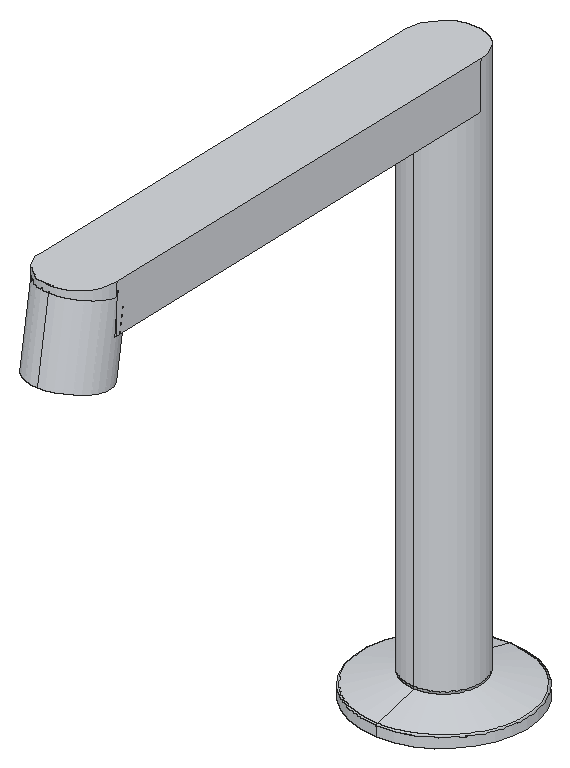
Revit family "Faucet-Lavatory-KOHLER-Components-K-77969", category Plumbing Fixtures, host Face, Revit 2015
Parameters (values of type "CP-Polished Chrome")
  Width = 2 3/8"  # constant formula
  Waste Water Outlet = "Waste Water Outlet"  # constant formula
  Waste Connection = 0 = 1  # no
  Vent Connection = 0 = 1  # no
  URL = "https://www.us.kohler.com/us/"
  Type = 1
  Spout Reach = 6 5/8"  # constant formula
  Product Page URL = "http://www.us.kohler.com/us/catalog/productDetails.jsp?productNumber=77969"
  Product Name = "Components"  # constant formula
  Product Documentation Link = "http://www.us.kohler.com/onlinecatalog/pdf/K-77969_spec.pdf"
  Pressure = 60.00 psi  # constant formula
  Model = if(Type = 1, "K-77969-CP", if(Type = 2, "K-77969-BL", "NA"))  # "K-77969-CP"
  Material = "Premium Metal Construction"  # constant formula
  MasterFormat 2004 = "22.41.39"  # constant formula
  MasterFormat 1995 = "15410"  # constant formula
  Manufacturer Address = "444 Highland Dr, Kohler, WI 53044"  # constant formula
  Manufacturer = "KOHLER Co."  # constant formula
  Length = Spout Reach  # 6 5/8"
  Hot Water Inlet = "Hot Water Inlet"  # constant formula
  Height = 8 1/4"  # constant formula
  Handle Clearance = 0"
  HW Connection = 0 = 1  # no
  Flow Rate = 1.2 GPM  # constant formula
  Finish = Kohler-Metal-CP-Polished_Chrome
  Faucet Hole Spacing = 0"
  Environmental Product Declaration = ""
  Drain Included = 1 = 1  # yes
  Description = "Widespread Bathroom Sink Spout"  # constant formula
  Default Elevation = 36"
  Declare Label = ""
  Date Modified = "08/23/2018"  # constant formula
  Date Created = "07/06/2018"  # constant formula
  Copyright = "Copyright KOHLER Co."  # constant formula
  Contact Us = "https://www.us.kohler.com/us/static/contact.jsp"
  Cold Water Inlet = "Cold Water Inlet"  # constant formula
  CW Connection = 0 = 1  # no
  Assembly Code = "D2010"
  ADA Compliant = 1 = 0  # no
Types (3): name | Type | Model | Finish
  (no name) | 1 | "K-77969-CP" | Kohler-Metal-CP-Polished_Chrome
  CP-Polished Chrome | 1 | "K-77969-CP" | Kohler-Metal-CP-Polished_Chrome
  BL-Matte_Black | 2 | "K-77969-BL" | Kohler-Metal-BL-Matte_Black
Reference planes (in)
  plane 1 "Center (Front/Back)": y = 0
  plane 2: z = 0
  plane 3 "Center (Left/Right)": x = 0
  plane 4: x = -1.1875
  plane 5: x = 1.1875
  plane 6: y = -6.625
  plane 7: z = 8.25
Dimensions and locks (in)
  equal spacing: plane 4, plane 3 "Center (Left/Right)", plane 5
  "Width": plane 4 to plane 5
  "Length": plane 6 to plane 1 "Center (Front/Back)"  (x2)
  "Height": plane 7 to plane 2
  aligned and locked: plane 2 to host face
  aligned and locked: level to host face
Automatic sketch dimensions
  host sketch curve to host sketch curve = 96"  (x2)
Nested families (in)
  nested 1: "K-77969" at (0, 0, 0), type "K-77969"
Definition of nested family "K-77969"
  Parameters (values of type "K-77969")
    Material = none
  Reference planes (in)
    plane 1 "Center (Front/Back)": y = 0
    plane 2: z = 0
    plane 3 "Center (Left/Right)": x = 0
    plane 4: z = 8.25
    plane 5: x = -1.1875
    plane 6: x = 1.1875
    plane 7: y = -6.625
    plane 8: z = 7
  Forms (in)
    Revolve 1, solid, material <- "Material", detail levels medium+fine
      sketch origin (0, 0, 0) x (0, 1, 0) y (0, 0, 1)
        loop
          line (0, 0) -> (1.18111, 0) -> (1.18111, 0.13926)
          arc (1.18111, 0.13926) -> (1.17614, 0.15359) -> (1.16338, 0.16177) r 0.02316
          line (1.16338, 0.16177) -> (0.51523, 0.31812)
          arc (0.51523, 0.31812) -> (0.52673, 0.33523) -> (0.53078, 0.35544) r 0.05258
          line (0.53078, 0.35544) -> (0.53078, 8.25) -> (0, 8.25) -> (0, 0)
        axis (0, 8.25) -> (0, 0)
      angle from 0 to 360
    Extrusion 2, solid, material <- "Material", detail levels coarse
      sketch origin (0, 0, 0) x (1, 0, 0) y (0, 1, 0)
        loop
          circle (0, 0) r 1.1811
      from 0 to 0.32403
    Revolve 3, solid, material <- "Material", detail levels medium+fine
      sketch origin (0, 0.01611, -0.00391) x (0, 1, 0) y (0, 0, 1)
        loop
          line (-6.6483, 6.9528) -> (-6.41957, 8.25) -> (-6.96052, 8.25) -> (-7.17294, 7.04531) -> (-6.6483, 6.9528)
        axis (-6.41957, 8.25) -> (-6.6483, 6.9528)
      angle from 0 to 360
    Extrusion 4, solid, material <- "Material", detail levels medium+fine
      sketch origin (0, 0, 0) x (1, 0, 0) y (0, 1, 0)
        loop
          arc (0.53077, 0.00017) -> (0, 0.53078) -> (-0.53077, 0.00017) r 0.53077
          line (-0.53077, 0.00017) -> (-0.53273, -6.43572)
          spline (-0.53273, -6.43572) -> (-0.51461, -6.57154) -> (-0.46141, -6.69811) -> (-0.37675, -6.8068) -> (-0.26641, -6.8902) -> (-0.13791, -6.94263) -> (0, -6.96052) -> (0.13791, -6.94263) -> (0.26641, -6.8902) -> (0.37675, -6.8068) -> (0.46141, -6.69811) -> (0.51461, -6.57154) -> (0.53273, -6.43572)
          line (0.53273, -6.43572) -> (0.53077, 0.00017)
      from 7.57253 to 8.25
    Extrusion 5, solid, material <- "Material", detail levels coarse
      sketch origin (0, 0, 0) x (1, 0, 0) y (0, 1, 0)
        loop
          circle (0, 0) r 0.53077
      from 0 to 8.25
    Extrusion 6, solid, material <- "Material", detail levels coarse
      sketch origin (0, 0, 0) x (1, 0, 0) y (0, 1, 0)
        loop
          line (0.53273, -6.43572) -> (0.53077, 0.00033)
          arc (0.53077, 0.00033) -> (0, 0.53078) -> (-0.53077, 0.00033) r 0.53077
          line (-0.53077, 0.00033) -> (-0.53273, -6.43572)
          spline (-0.53273, -6.43572) -> (-0.51461, -6.57154) -> (-0.46141, -6.69811) -> (-0.37675, -6.8068) -> (-0.26641, -6.8902) -> (-0.13791, -6.94263) -> (0, -6.96052) -> (0.13791, -6.94263) -> (0.26641, -6.8902) -> (0.37675, -6.8068) -> (0.46141, -6.69811) -> (0.51461, -6.57154) -> (0.53273, -6.43572)
      from 7.57253 to 8.25
  Cuts and joins
    joined: Revolve 1, Extrusion 4
  Lines and regions (in)
    Masking region 1
      outline origin (0, 0, 0) x (0, 1, 0) y (0, 0, 1)
        loop
          line (1.18111, 0) -> (1.18111, 0.13933)
          arc (1.18111, 0.13933) -> (1.17617, 0.1536) -> (1.16346, 0.16175) r 0.02306
          line (1.16346, 0.16175) -> (0.50538, 0.3208)
          arc (0.50538, 0.3208) -> (0.52565, 0.35296) -> (0.53273, 0.39031) r 0.10199
          line (0.53273, 0.39031) -> (0.53273, 8.25) -> (-6.96052, 8.25) -> (-7.15682, 7.04141) -> (-6.10755, 6.85639) -> (-5.98127, 7.57253) -> (-0.53273, 7.57253) -> (-0.53273, 0.39031)
          arc (-0.53273, 0.39031) -> (-0.52565, 0.35296) -> (-0.50538, 0.3208) r 0.10199
          line (-0.50538, 0.3208) -> (-1.16346, 0.16175)
          arc (-1.16346, 0.16175) -> (-1.17617, 0.1536) -> (-1.18111, 0.13933) r 0.02306
          line (-1.18111, 0.13933) -> (-1.18111, 0) -> (1.18111, 0)
    Masking region 2
      outline origin (0, 0, 0) x (1, 0, 0) y (0, 0, 1)
        loop
          line (-1.1875, 0) -> (1.1875, 0) -> (1.1875, 0.13933)
          arc (1.1875, 0.13933) -> (1.18256, 0.1536) -> (1.16986, 0.16175) r 0.02306
          line (1.16986, 0.16175) -> (0.50653, 0.32207)
          arc (0.50653, 0.32207) -> (0.52596, 0.35376) -> (0.53273, 0.39031) r 0.10199
          line (0.53273, 0.39031) -> (0.53273, 8.25) -> (-0.53273, 8.25) -> (-0.53273, 0.39031)
          arc (-0.53273, 0.39031) -> (-0.52596, 0.35376) -> (-0.50653, 0.32207) r 0.10199
          line (-0.50653, 0.32207) -> (-1.16986, 0.16175)
          arc (-1.16986, 0.16175) -> (-1.18256, 0.1536) -> (-1.1875, 0.13933) r 0.02306
          line (-1.1875, 0.13933) -> (-1.1875, 0)
    Masking region 3
      outline origin (0, 0, 0) x (1, 0, 0) y (0, 1, 0)
        loop
          arc (0.53109, -1.05508) -> (0, 1.19454) -> (-0.53109, -1.05508) r 1.1875
          line (-0.53109, -1.05508) -> (-0.53109, -6.59108)
          spline (-0.53109, -6.59108) -> (-0.5238, -6.72785) -> (-0.48081, -6.8581) -> (-0.40506, -6.97295) -> (-0.3017, -7.06458) -> (-0.17778, -7.12675) -> (-0.04174, -7.15521) -> (0.09713, -7.14803) -> (0.22939, -7.10569) -> (0.34602, -7.03109) -> (0.43907, -6.9293) -> (0.50219, -6.80726) -> (0.53109, -6.6733)
          line (0.53109, -6.6733) -> (0.53109, -1.05508)
    symbolic lines, detail levels medium+fine
      curve 1: line (-0.50825, 0, 0.32403) -> (0.50825, 0, 0.32403)
      curve 2: line (0, 1.18111, 0.13933) -> (0, -1.18111, 0.13933)
      curve 3: line (-1.1875, 0, 0.13933) -> (1.1875, 0, 0.13933)
      curve 4: spline (-0.53273, 0, 7) -> (-0.51458, 0, 6.97606) -> (-0.46136, 0, 6.95375) -> (-0.3767, 0, 6.93459) -> (-0.26637, 0, 6.91989) -> (-0.13788, 0, 6.91064) -> (0, 0, 6.90749) -> (0.13788, 0, 6.91064) -> (0.26637, 0, 6.91989) -> (0.3767, 0, 6.93459) -> (0.46136, 0, 6.95375) -> (0.51458, 0, 6.97606) -> (0.53273, 0, 7) -> (0.51458, 0, 7.02394) -> (0.46136, 0, 7.04625) -> (0.3767, 0, 7.06541) -> (0.26637, 0, 7.08011) -> (0.13788, 0, 7.08936) -> (0, 0, 7.09251) -> (-0.13788, 0, 7.08936) -> (-0.26637, 0, 7.08011) -> (-0.3767, 0, 7.06541) -> (-0.46136, 0, 7.04625) -> (-0.51458, 0, 7.02394) -> (-0.53273, 0, 7)
      curve 5: line (0, -0.53273, 7.57253) -> (0, 0.53273, 7.57253)
      curve 6: arc (0, -6.38195, 7.5326) -> (0, -6.1826, 7.56253) -> (0, -5.98127, 7.57253) r 2.03002
      curve 7: spline (-0.53273, -6.43572, 0) -> (-0.51461, -6.57154, 0) -> (-0.46141, -6.69811, 0) -> (-0.37675, -6.8068, 0) -> (-0.26641, -6.8902, 0) -> (-0.13791, -6.94263, 0) -> (0, -6.96052, 0) -> (0.13791, -6.94263, 0) -> (0.26641, -6.8902, 0) -> (0.37675, -6.8068, 0) -> (0.46141, -6.69811, 0) -> (0.51461, -6.57154, 0) -> (0.53273, -6.43572, 0)
      curve 8: line (0.53077, -1.05524, 0) -> (0.53077, 0.00017, 0)
      curve 9: line (-0.53077, -1.05524, 0) -> (-0.53077, 0.00017, 0)
      curve 10: arc (-0.53077, 0.00017, 0) -> (0, 0.53094, 0) -> (0.53077, 0.00017, 0) r 0.53077
      curve 11: line (0, 0.50538, 0.3208) -> (0, -0.50538, 0.3208)
  Dimensions and locks (in)
    plane 4 to level = 8 1/4"
    aligned and locked: plane 2 to level
